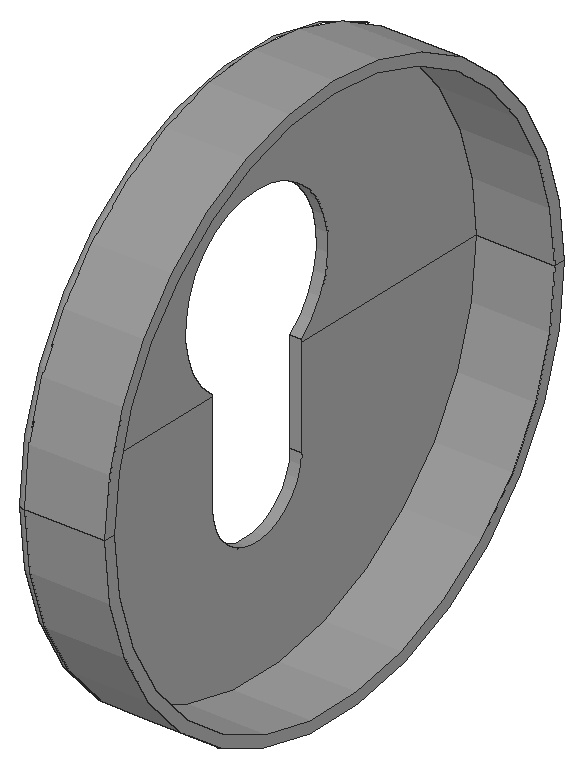
Revit family "DCE 002", category Specialty Equipment, Revit 2013
Parameters
  Type Comments = "DORMA DCE 002"
  Model = "DCE 002"
  Manufacturer = "DORMA"
  Description = "DORMA DCE 002"
Reference planes
  plane 1 "Center (Front/Back)": y = 0
  plane 2: z = 0
  plane 3 "Center (Left/Right)": x = 0
  plane 4: y = 2.126
  plane 5: y = 22.536
  plane 6: y = -28.45
Forms (mm)
  Revolve 1, solid, material "Matt chrome"
    sketch origin (-18.5, 0, 0) x (0, 1, 0) y (-1, 0, 0)
      loop
        line (-2.969, 8) -> (-2.969, 7) -> (21.536, 7) -> (21.536, 0) -> (22.536, 0) -> (22.536, 7.154)
        arc (22.536, 7.154) -> (22.288, 7.752) -> (21.69, 8) r 0.846
        line (21.69, 8) -> (-2.969, 8)
      axis (-2.969, 8) -> (-2.969, 0)
    angle from 0 to 360
  Sweep 2, void
    path origin (0, -2.874, 0) x (1, 0, 0) y (0, 1, 0)
      loop
        line (-32.173, 0) -> (-17.173, 0)
    profile origin (-24.673, -2.874, 0) x (0, 1, 0) y (0, 0, 1)
      loop
        arc (5, 0.2) -> (0, 14.374) -> (-5, 0.2) r 7.969
        line (-5, 0.2) -> (-5, -8.813)
        arc (-5, -8.813) -> (0, -13.813) -> (5, -8.813) r 5
        line (5, -8.813) -> (5, 0.2)
Cuts and joins
  Sweep 2 cuts Revolve 1
Dimensions and locks
  cut or joined group of Revolve 1, Sweep 2 to cut or joined group of Revolve 1, Sweep 2 = 8 mm  (x2)
  plane 6 to plane 5 = 50.986 mm
  aligned and locked: level to plane 2
  aligned and locked: Revolve 1 sketch curve to Revolve 1 sketch curve
  aligned and locked: plane 4 to cut or joined group of Revolve 1, Sweep 2
